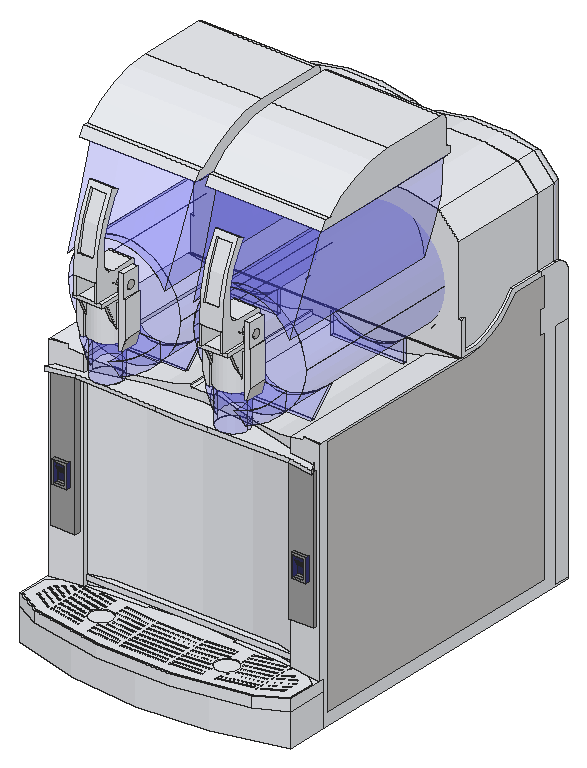
Revit family "QF_ELECTROLUXPROFESSIONAL_560023_NINA2ITNK", category Specialty Equipment, Revit 2018 (continued)
Automatic sketch dimensions
  curve 30 to curve 58 = 0.0 mm  (x2)
  curve 30 to curve 59 = 0.0 mm  (x2)
  curve 30 to curve 60 = 0.0 mm  (x2)
  curve 30 to curve 61 = 0.0 mm  (x2)
  curve 30 to curve 62 = 0.0 mm  (x2)
  curve 30 to curve 63 = 0.0 mm  (x2)
  curve 30 to curve 64 = 0.0 mm  (x2)
  curve 30 to curve 65 = 0.0 mm  (x2)
  curve 30 to curve 66 = 0.0 mm  (x2)
  curve 30 to curve 67 = 0.0 mm  (x2)
  curve 30 to curve 68 = 0.0 mm  (x2)
  curve 30 to curve 69 = 0.0 mm  (x2)
  curve 30 to curve 70 = 0.0 mm  (x2)
  curve 30 to curve 71 = 0.0 mm  (x2)
  curve 30 to curve 72 = 0.0 mm  (x2)
  curve 30 to curve 91 = 0.0 mm  (x2)
  curve 30 to curve 92 = 0.0 mm  (x2)
  curve 30 to curve 93 = 0.0 mm  (x2)
  curve 30 to curve 94 = 0.0 mm  (x2)
  curve 30 to curve 95 = 0.0 mm  (x2)
  curve 30 to curve 96 = 0.0 mm  (x2)
  curve 30 to curve 97 = 0.0 mm  (x2)
  curve 30 to curve 98 = 0.0 mm  (x2)
  curve 30 to curve 99 = 0.0 mm  (x2)
  curve 30 to curve 100 = 0.0 mm  (x2)
  curve 30 to curve 101 = 0.0 mm  (x2)
  curve 30 to curve 116 = 0.0 mm  (x2)
  curve 30 to curve 117 = 0.0 mm  (x2)
  curve 30 to curve 134 = 0.0 mm  (x2)
  curve 30 to curve 135 = 0.0 mm  (x2)
  curve 30 to curve 136 = 0.0 mm  (x2)
  curve 30 to curve 137 = 0.0 mm  (x2)
  curve 30 to curve 138 = 0.0 mm  (x2)
  curve 30 to curve 139 = 0.0 mm  (x2)
  curve 30 to curve 140 = 0.0 mm  (x2)
  curve 30 to curve 141 = 0.0 mm  (x2)
  curve 30 to curve 142 = 0.0 mm  (x2)
  curve 30 to curve 143 = 0.0 mm  (x2)
  curve 30 to curve 144 = 0.0 mm  (x2)
  curve 30 to curve 145 = 0.0 mm  (x2)
  curve 30 to curve 146 = 0.0 mm  (x2)
  curve 30 to curve 147 = 0.0 mm  (x2)
  curve 30 to curve 148 = 0.0 mm  (x2)
  curve 30 to curve 167 = 0.0 mm  (x2)
  curve 30 to curve 168 = 0.0 mm  (x2)
  curve 30 to curve 169 = 0.0 mm  (x2)
  curve 30 to curve 170 = 0.0 mm  (x2)
  curve 30 to curve 171 = 0.0 mm  (x2)
  curve 30 to curve 172 = 0.0 mm  (x2)
  curve 30 to curve 173 = 0.0 mm  (x2)
  curve 30 to curve 174 = 0.0 mm  (x2)
  curve 30 to curve 175 = 0.0 mm  (x2)
  curve 30 to curve 176 = 0.0 mm  (x2)
  curve 30 to curve 177 = 0.0 mm  (x2)
  curve 31 to curve 32 = 0.0 mm  (x2)
  curve 31 to curve 33 = 0.0 mm  (x2)
  curve 31 to curve 34 = 0.0 mm  (x2)
  curve 31 to curve 35 = 0.0 mm  (x2)
  curve 31 to curve 36 = 0.0 mm  (x2)
  curve 31 to curve 37 = 0.0 mm  (x2)
  curve 31 to curve 38 = 0.0 mm  (x2)
  curve 31 to curve 39 = 0.0 mm  (x2)
  curve 31 to curve 40 = 0.0 mm  (x2)
  curve 31 to curve 41 = 0.0 mm  (x2)
  curve 31 to curve 58 = 0.0 mm  (x2)
  curve 31 to curve 59 = 0.0 mm  (x2)
  curve 31 to curve 60 = 0.0 mm  (x2)
  curve 31 to curve 61 = 0.0 mm  (x2)
  curve 31 to curve 62 = 0.0 mm  (x2)
  curve 31 to curve 63 = 0.0 mm  (x2)
  curve 31 to curve 64 = 0.0 mm  (x2)
  curve 31 to curve 65 = 0.0 mm  (x2)
  curve 31 to curve 66 = 0.0 mm  (x2)
  curve 31 to curve 67 = 0.0 mm  (x2)
  curve 31 to curve 68 = 0.0 mm  (x2)
  curve 31 to curve 69 = 0.0 mm  (x2)
  curve 31 to curve 70 = 0.0 mm  (x2)
  curve 31 to curve 71 = 0.0 mm  (x2)
  curve 31 to curve 72 = 0.0 mm  (x2)
  curve 31 to curve 91 = 0.0 mm  (x2)
  curve 31 to curve 92 = 0.0 mm  (x2)
  curve 31 to curve 93 = 0.0 mm  (x2)
  curve 31 to curve 94 = 0.0 mm  (x2)
  curve 31 to curve 95 = 0.0 mm  (x2)
  curve 31 to curve 96 = 0.0 mm  (x2)
  curve 31 to curve 97 = 0.0 mm  (x2)
  curve 31 to curve 98 = 0.0 mm  (x2)
  curve 31 to curve 99 = 0.0 mm  (x2)
  curve 31 to curve 100 = 0.0 mm  (x2)
  curve 31 to curve 101 = 0.0 mm  (x2)
  curve 31 to curve 116 = 0.0 mm  (x2)
  curve 31 to curve 117 = 0.0 mm  (x2)
  curve 31 to curve 134 = 0.0 mm  (x2)
  curve 31 to curve 135 = 0.0 mm  (x2)
  curve 31 to curve 136 = 0.0 mm  (x2)
  curve 31 to curve 137 = 0.0 mm  (x2)
  curve 31 to curve 138 = 0.0 mm  (x2)
  curve 31 to curve 139 = 0.0 mm  (x2)
  curve 31 to curve 140 = 0.0 mm  (x2)
  curve 31 to curve 141 = 0.0 mm  (x2)
  curve 31 to curve 142 = 0.0 mm  (x2)
  curve 31 to curve 143 = 0.0 mm  (x2)
  curve 31 to curve 144 = 0.0 mm  (x2)
  curve 31 to curve 145 = 0.0 mm  (x2)
  curve 31 to curve 146 = 0.0 mm  (x2)
  curve 31 to curve 147 = 0.0 mm  (x2)
  curve 31 to curve 148 = 0.0 mm  (x2)
  curve 31 to curve 167 = 0.0 mm  (x2)
  curve 31 to curve 168 = 0.0 mm  (x2)
  curve 31 to curve 169 = 0.0 mm  (x2)
  curve 31 to curve 170 = 0.0 mm  (x2)
  curve 31 to curve 171 = 0.0 mm  (x2)
  curve 31 to curve 172 = 0.0 mm  (x2)
  curve 31 to curve 173 = 0.0 mm  (x2)
  curve 31 to curve 174 = 0.0 mm  (x2)
  curve 31 to curve 175 = 0.0 mm  (x2)
  curve 31 to curve 176 = 0.0 mm  (x2)
  curve 31 to curve 177 = 0.0 mm  (x2)
  curve 32 to curve 33 = 0.0 mm  (x2)
  curve 32 to curve 34 = 0.0 mm  (x2)
  curve 32 to curve 35 = 0.0 mm  (x2)
  curve 32 to curve 36 = 0.0 mm  (x2)
  curve 32 to curve 37 = 0.0 mm  (x2)
  curve 32 to curve 38 = 0.0 mm  (x2)
  curve 32 to curve 39 = 0.0 mm  (x2)
  curve 32 to curve 40 = 0.0 mm  (x2)
  curve 32 to curve 41 = 0.0 mm  (x2)
  curve 32 to curve 58 = 0.0 mm  (x2)
  curve 32 to curve 59 = 0.0 mm  (x2)
  curve 32 to curve 60 = 0.0 mm  (x2)
  curve 32 to curve 61 = 0.0 mm  (x2)
  curve 32 to curve 62 = 0.0 mm  (x2)
  curve 32 to curve 63 = 0.0 mm  (x2)
  curve 32 to curve 64 = 0.0 mm  (x2)
  curve 32 to curve 65 = 0.0 mm  (x2)
  curve 32 to curve 66 = 0.0 mm  (x2)
  curve 32 to curve 67 = 0.0 mm  (x2)
  curve 32 to curve 68 = 0.0 mm  (x2)
  curve 32 to curve 69 = 0.0 mm  (x2)
  curve 32 to curve 70 = 0.0 mm  (x2)
  curve 32 to curve 71 = 0.0 mm  (x2)
  curve 32 to curve 72 = 0.0 mm  (x2)
  curve 32 to curve 91 = 0.0 mm  (x2)
  curve 32 to curve 92 = 0.0 mm  (x2)
  curve 32 to curve 93 = 0.0 mm  (x2)
  curve 32 to curve 94 = 0.0 mm  (x2)
  curve 32 to curve 95 = 0.0 mm  (x2)
  curve 32 to curve 96 = 0.0 mm  (x2)
  curve 32 to curve 97 = 0.0 mm  (x2)
  curve 32 to curve 98 = 0.0 mm  (x2)
  curve 32 to curve 99 = 0.0 mm  (x2)
  curve 32 to curve 100 = 0.0 mm  (x2)
  curve 32 to curve 101 = 0.0 mm  (x2)
  curve 32 to curve 116 = 0.0 mm  (x2)
  curve 32 to curve 117 = 0.0 mm  (x2)
  curve 32 to curve 134 = 0.0 mm  (x2)
  curve 32 to curve 135 = 0.0 mm  (x2)
  curve 32 to curve 136 = 0.0 mm  (x2)
  curve 32 to curve 137 = 0.0 mm  (x2)
  curve 32 to curve 138 = 0.0 mm  (x2)
  curve 32 to curve 139 = 0.0 mm  (x2)
  curve 32 to curve 140 = 0.0 mm  (x2)
  curve 32 to curve 141 = 0.0 mm  (x2)
  curve 32 to curve 142 = 0.0 mm  (x2)
  curve 32 to curve 143 = 0.0 mm  (x2)
  curve 32 to curve 144 = 0.0 mm  (x2)
  curve 32 to curve 145 = 0.0 mm  (x2)
  curve 32 to curve 146 = 0.0 mm  (x2)
  curve 32 to curve 147 = 0.0 mm  (x2)
  curve 32 to curve 148 = 0.0 mm  (x2)
  curve 32 to curve 167 = 0.0 mm  (x2)
  curve 32 to curve 168 = 0.0 mm  (x2)
  curve 32 to curve 169 = 0.0 mm  (x2)
  curve 32 to curve 170 = 0.0 mm  (x2)
  curve 32 to curve 171 = 0.0 mm  (x2)
  curve 32 to curve 172 = 0.0 mm  (x2)
  curve 32 to curve 173 = 0.0 mm  (x2)
  curve 32 to curve 174 = 0.0 mm  (x2)
  curve 32 to curve 175 = 0.0 mm  (x2)
  curve 32 to curve 176 = 0.0 mm  (x2)
  curve 32 to curve 177 = 0.0 mm  (x2)
  curve 33 to curve 34 = 0.0 mm  (x2)
  curve 33 to curve 35 = 0.0 mm  (x2)
  curve 33 to curve 36 = 0.0 mm  (x2)
  curve 33 to curve 37 = 0.0 mm  (x2)
  curve 33 to curve 38 = 0.0 mm  (x2)
  curve 33 to curve 39 = 0.0 mm  (x2)
  curve 33 to curve 40 = 0.0 mm  (x2)
  curve 33 to curve 41 = 0.0 mm  (x2)
  curve 33 to curve 58 = 0.0 mm  (x2)
  curve 33 to curve 59 = 0.0 mm  (x2)
  curve 33 to curve 60 = 0.0 mm  (x2)
  curve 33 to curve 61 = 0.0 mm  (x2)
  curve 33 to curve 62 = 0.0 mm  (x2)
  curve 33 to curve 63 = 0.0 mm  (x2)
  curve 33 to curve 64 = 0.0 mm  (x2)
  curve 33 to curve 65 = 0.0 mm  (x2)
  curve 33 to curve 66 = 0.0 mm  (x2)
  curve 33 to curve 67 = 0.0 mm  (x2)
  curve 33 to curve 68 = 0.0 mm  (x2)
  curve 33 to curve 69 = 0.0 mm  (x2)
  curve 33 to curve 70 = 0.0 mm  (x2)
  curve 33 to curve 71 = 0.0 mm  (x2)
  curve 33 to curve 72 = 0.0 mm  (x2)
  curve 33 to curve 91 = 0.0 mm  (x2)
  curve 33 to curve 92 = 0.0 mm  (x2)
  curve 33 to curve 93 = 0.0 mm  (x2)
  curve 33 to curve 94 = 0.0 mm  (x2)
  curve 33 to curve 95 = 0.0 mm  (x2)
  curve 33 to curve 96 = 0.0 mm  (x2)
  curve 33 to curve 97 = 0.0 mm  (x2)
  curve 33 to curve 98 = 0.0 mm  (x2)
  curve 33 to curve 99 = 0.0 mm  (x2)
  curve 33 to curve 100 = 0.0 mm  (x2)
  curve 33 to curve 101 = 0.0 mm  (x2)
  curve 33 to curve 116 = 0.0 mm  (x2)
  curve 33 to curve 117 = 0.0 mm  (x2)
  curve 33 to curve 134 = 0.0 mm  (x2)
  curve 33 to curve 135 = 0.0 mm  (x2)
  curve 33 to curve 136 = 0.0 mm  (x2)
  curve 33 to curve 137 = 0.0 mm  (x2)
  curve 33 to curve 138 = 0.0 mm  (x2)
  curve 33 to curve 139 = 0.0 mm  (x2)
  curve 33 to curve 140 = 0.0 mm  (x2)
  curve 33 to curve 141 = 0.0 mm  (x2)
  curve 33 to curve 142 = 0.0 mm  (x2)
  curve 33 to curve 143 = 0.0 mm  (x2)
  curve 33 to curve 144 = 0.0 mm  (x2)
  curve 33 to curve 145 = 0.0 mm  (x2)
  curve 33 to curve 146 = 0.0 mm  (x2)
  curve 33 to curve 147 = 0.0 mm  (x2)
  curve 33 to curve 148 = 0.0 mm  (x2)
  curve 33 to curve 167 = 0.0 mm  (x2)
  curve 33 to curve 168 = 0.0 mm  (x2)
  curve 33 to curve 169 = 0.0 mm  (x2)
  curve 33 to curve 170 = 0.0 mm  (x2)
  curve 33 to curve 171 = 0.0 mm  (x2)
  curve 33 to curve 172 = 0.0 mm  (x2)
  curve 33 to curve 173 = 0.0 mm  (x2)
  curve 33 to curve 174 = 0.0 mm  (x2)
  curve 33 to curve 175 = 0.0 mm  (x2)
  curve 33 to curve 176 = 0.0 mm  (x2)
  curve 33 to curve 177 = 0.0 mm  (x2)
  curve 34 to curve 35 = 0.0 mm  (x2)
  curve 34 to curve 36 = 0.0 mm  (x2)
  curve 34 to curve 37 = 0.0 mm  (x2)
  curve 34 to curve 38 = 0.0 mm  (x2)
  curve 34 to curve 39 = 0.0 mm  (x2)
  curve 34 to curve 40 = 0.0 mm  (x2)
  curve 34 to curve 41 = 0.0 mm  (x2)
  curve 34 to curve 58 = 0.0 mm  (x2)
  curve 34 to curve 59 = 0.0 mm  (x2)
  curve 34 to curve 60 = 0.0 mm  (x2)
  curve 34 to curve 61 = 0.0 mm  (x2)
  curve 34 to curve 62 = 0.0 mm  (x2)
  curve 34 to curve 63 = 0.0 mm  (x2)
  curve 34 to curve 64 = 0.0 mm  (x2)
  curve 34 to curve 65 = 0.0 mm  (x2)
  curve 34 to curve 66 = 0.0 mm  (x2)
  curve 34 to curve 67 = 0.0 mm  (x2)
  curve 34 to curve 68 = 0.0 mm  (x2)
  curve 34 to curve 69 = 0.0 mm  (x2)
  curve 34 to curve 70 = 0.0 mm  (x2)
  curve 34 to curve 71 = 0.0 mm  (x2)
  curve 34 to curve 72 = 0.0 mm  (x2)
  curve 34 to curve 91 = 0.0 mm  (x2)
  curve 34 to curve 92 = 0.0 mm  (x2)
  curve 34 to curve 93 = 0.0 mm  (x2)
  curve 34 to curve 94 = 0.0 mm  (x2)
  curve 34 to curve 95 = 0.0 mm  (x2)
  curve 34 to curve 96 = 0.0 mm  (x2)
  curve 34 to curve 97 = 0.0 mm  (x2)
  curve 34 to curve 98 = 0.0 mm  (x2)
  curve 34 to curve 99 = 0.0 mm  (x2)
  curve 34 to curve 100 = 0.0 mm  (x2)
  curve 34 to curve 101 = 0.0 mm  (x2)
  curve 34 to curve 116 = 0.0 mm  (x2)
  curve 34 to curve 117 = 0.0 mm  (x2)
  curve 34 to curve 134 = 0.0 mm  (x2)
  curve 34 to curve 135 = 0.0 mm  (x2)
  curve 34 to curve 136 = 0.0 mm  (x2)
  curve 34 to curve 137 = 0.0 mm  (x2)
  curve 34 to curve 138 = 0.0 mm  (x2)
  curve 34 to curve 139 = 0.0 mm  (x2)
  curve 34 to curve 140 = 0.0 mm  (x2)
  curve 34 to curve 141 = 0.0 mm  (x2)
  curve 34 to curve 142 = 0.0 mm  (x2)
  curve 34 to curve 143 = 0.0 mm  (x2)
  curve 34 to curve 144 = 0.0 mm  (x2)
  curve 34 to curve 145 = 0.0 mm  (x2)
  curve 34 to curve 146 = 0.0 mm  (x2)
  curve 34 to curve 147 = 0.0 mm  (x2)
  curve 34 to curve 148 = 0.0 mm  (x2)
  curve 34 to curve 167 = 0.0 mm  (x2)
  curve 34 to curve 168 = 0.0 mm  (x2)
  curve 34 to curve 169 = 0.0 mm  (x2)
  curve 34 to curve 170 = 0.0 mm  (x2)
  curve 34 to curve 171 = 0.0 mm  (x2)
  curve 34 to curve 172 = 0.0 mm  (x2)
  curve 34 to curve 173 = 0.0 mm  (x2)
  curve 34 to curve 174 = 0.0 mm  (x2)
  curve 34 to curve 175 = 0.0 mm  (x2)
  curve 34 to curve 176 = 0.0 mm  (x2)
  curve 34 to curve 177 = 0.0 mm  (x2)
  curve 35 to curve 36 = 0.0 mm  (x2)
  curve 35 to curve 37 = 0.0 mm  (x2)
  curve 35 to curve 38 = 0.0 mm  (x2)
  curve 35 to curve 39 = 0.0 mm  (x2)
  curve 35 to curve 40 = 0.0 mm  (x2)
  curve 35 to curve 41 = 0.0 mm  (x2)
  curve 35 to curve 58 = 0.0 mm  (x2)
  curve 35 to curve 59 = 0.0 mm  (x2)
  curve 35 to curve 60 = 0.0 mm  (x2)
  curve 35 to curve 61 = 0.0 mm  (x2)
  curve 35 to curve 62 = 0.0 mm  (x2)
  curve 35 to curve 63 = 0.0 mm  (x2)
  curve 35 to curve 64 = 0.0 mm  (x2)
  curve 35 to curve 65 = 0.0 mm  (x2)
  curve 35 to curve 66 = 0.0 mm  (x2)
  curve 35 to curve 67 = 0.0 mm  (x2)
  curve 35 to curve 68 = 0.0 mm  (x2)
  curve 35 to curve 69 = 0.0 mm  (x2)
  curve 35 to curve 70 = 0.0 mm  (x2)
  curve 35 to curve 71 = 0.0 mm  (x2)
  curve 35 to curve 72 = 0.0 mm  (x2)
  curve 35 to curve 91 = 0.0 mm  (x2)
  curve 35 to curve 92 = 0.0 mm  (x2)
  curve 35 to curve 93 = 0.0 mm  (x2)
  curve 35 to curve 94 = 0.0 mm  (x2)
  curve 35 to curve 95 = 0.0 mm  (x2)
  curve 35 to curve 96 = 0.0 mm  (x2)
  curve 35 to curve 97 = 0.0 mm  (x2)
  curve 35 to curve 98 = 0.0 mm  (x2)
  curve 35 to curve 99 = 0.0 mm  (x2)
  curve 35 to curve 100 = 0.0 mm  (x2)
  curve 35 to curve 101 = 0.0 mm  (x2)
  curve 35 to curve 116 = 0.0 mm  (x2)
  curve 35 to curve 117 = 0.0 mm  (x2)
  curve 35 to curve 134 = 0.0 mm  (x2)
  curve 35 to curve 135 = 0.0 mm  (x2)
  curve 35 to curve 136 = 0.0 mm  (x2)
  curve 35 to curve 137 = 0.0 mm  (x2)
  curve 35 to curve 138 = 0.0 mm  (x2)
  curve 35 to curve 139 = 0.0 mm  (x2)
  curve 35 to curve 140 = 0.0 mm  (x2)
  curve 35 to curve 141 = 0.0 mm  (x2)
  curve 35 to curve 142 = 0.0 mm  (x2)
  curve 35 to curve 143 = 0.0 mm  (x2)
  curve 35 to curve 144 = 0.0 mm  (x2)
  curve 35 to curve 145 = 0.0 mm  (x2)
  curve 35 to curve 146 = 0.0 mm  (x2)
  curve 35 to curve 147 = 0.0 mm  (x2)
  curve 35 to curve 148 = 0.0 mm  (x2)
  curve 35 to curve 167 = 0.0 mm  (x2)
  curve 35 to curve 168 = 0.0 mm  (x2)
  curve 35 to curve 169 = 0.0 mm  (x2)
  curve 35 to curve 170 = 0.0 mm  (x2)
  curve 35 to curve 171 = 0.0 mm  (x2)
  curve 35 to curve 172 = 0.0 mm  (x2)
  curve 35 to curve 173 = 0.0 mm  (x2)
  curve 35 to curve 174 = 0.0 mm  (x2)
  curve 35 to curve 175 = 0.0 mm  (x2)
  curve 35 to curve 176 = 0.0 mm  (x2)
  curve 35 to curve 177 = 0.0 mm  (x2)
  curve 36 to curve 37 = 0.0 mm  (x2)
  curve 36 to curve 38 = 0.0 mm  (x2)
  curve 36 to curve 39 = 0.0 mm  (x2)
  curve 36 to curve 40 = 0.0 mm  (x2)
  curve 36 to curve 41 = 0.0 mm  (x2)
  curve 36 to curve 58 = 0.0 mm  (x2)
  curve 36 to curve 59 = 0.0 mm  (x2)
  curve 36 to curve 60 = 0.0 mm  (x2)
  curve 36 to curve 61 = 0.0 mm  (x2)
  curve 36 to curve 62 = 0.0 mm  (x2)
  curve 36 to curve 63 = 0.0 mm  (x2)
  curve 36 to curve 64 = 0.0 mm  (x2)
  curve 36 to curve 65 = 0.0 mm  (x2)
  curve 36 to curve 66 = 0.0 mm  (x2)
  curve 36 to curve 67 = 0.0 mm  (x2)
  curve 36 to curve 68 = 0.0 mm  (x2)
  curve 36 to curve 69 = 0.0 mm  (x2)
  curve 36 to curve 70 = 0.0 mm  (x2)
  curve 36 to curve 71 = 0.0 mm  (x2)
  curve 36 to curve 72 = 0.0 mm  (x2)
  curve 36 to curve 91 = 0.0 mm  (x2)
  curve 36 to curve 92 = 0.0 mm  (x2)
  curve 36 to curve 93 = 0.0 mm  (x2)
  curve 36 to curve 94 = 0.0 mm  (x2)
  curve 36 to curve 95 = 0.0 mm  (x2)
  curve 36 to curve 96 = 0.0 mm  (x2)
  curve 36 to curve 97 = 0.0 mm  (x2)
  curve 36 to curve 98 = 0.0 mm  (x2)
  curve 36 to curve 99 = 0.0 mm  (x2)
  curve 36 to curve 100 = 0.0 mm  (x2)
  curve 36 to curve 101 = 0.0 mm  (x2)
  curve 36 to curve 116 = 0.0 mm  (x2)
  curve 36 to curve 117 = 0.0 mm  (x2)
  curve 36 to curve 134 = 0.0 mm  (x2)
  curve 36 to curve 135 = 0.0 mm  (x2)
  curve 36 to curve 136 = 0.0 mm  (x2)
  curve 36 to curve 137 = 0.0 mm  (x2)
  curve 36 to curve 138 = 0.0 mm  (x2)
  curve 36 to curve 139 = 0.0 mm  (x2)
  curve 36 to curve 140 = 0.0 mm  (x2)
  curve 36 to curve 141 = 0.0 mm  (x2)
  curve 36 to curve 142 = 0.0 mm  (x2)
  curve 36 to curve 143 = 0.0 mm  (x2)
  curve 36 to curve 144 = 0.0 mm  (x2)
  curve 36 to curve 145 = 0.0 mm  (x2)
  curve 36 to curve 146 = 0.0 mm  (x2)
  curve 36 to curve 147 = 0.0 mm  (x2)
  curve 36 to curve 148 = 0.0 mm  (x2)
  curve 36 to curve 167 = 0.0 mm  (x2)
  curve 36 to curve 168 = 0.0 mm  (x2)
  curve 36 to curve 169 = 0.0 mm  (x2)
  curve 36 to curve 170 = 0.0 mm  (x2)
  curve 36 to curve 171 = 0.0 mm  (x2)
  curve 36 to curve 172 = 0.0 mm  (x2)
  curve 36 to curve 173 = 0.0 mm  (x2)
  curve 36 to curve 174 = 0.0 mm  (x2)
  curve 36 to curve 175 = 0.0 mm  (x2)
  curve 36 to curve 176 = 0.0 mm  (x2)
  curve 36 to curve 177 = 0.0 mm  (x2)
  curve 37 to curve 38 = 0.0 mm  (x2)
  curve 37 to curve 39 = 0.0 mm  (x2)
  curve 37 to curve 40 = 0.0 mm  (x2)
  curve 37 to curve 41 = 0.0 mm  (x2)
  curve 37 to curve 58 = 0.0 mm  (x2)
  curve 37 to curve 59 = 0.0 mm  (x2)
  curve 37 to curve 60 = 0.0 mm  (x2)
  curve 37 to curve 61 = 0.0 mm  (x2)
  curve 37 to curve 62 = 0.0 mm  (x2)
  curve 37 to curve 63 = 0.0 mm  (x2)
  curve 37 to curve 64 = 0.0 mm  (x2)
  curve 37 to curve 65 = 0.0 mm  (x2)
  curve 37 to curve 66 = 0.0 mm  (x2)
  curve 37 to curve 67 = 0.0 mm  (x2)
  curve 37 to curve 68 = 0.0 mm  (x2)
  curve 37 to curve 69 = 0.0 mm  (x2)
  curve 37 to curve 70 = 0.0 mm  (x2)
  curve 37 to curve 71 = 0.0 mm  (x2)
  curve 37 to curve 72 = 0.0 mm  (x2)
  curve 37 to curve 91 = 0.0 mm  (x2)
  curve 37 to curve 92 = 0.0 mm  (x2)
  curve 37 to curve 93 = 0.0 mm  (x2)
  curve 37 to curve 94 = 0.0 mm  (x2)
  curve 37 to curve 95 = 0.0 mm  (x2)
  curve 37 to curve 96 = 0.0 mm  (x2)
  curve 37 to curve 97 = 0.0 mm  (x2)
  curve 37 to curve 98 = 0.0 mm  (x2)
  curve 37 to curve 99 = 0.0 mm  (x2)
  curve 37 to curve 100 = 0.0 mm  (x2)
  curve 37 to curve 101 = 0.0 mm  (x2)
  curve 37 to curve 116 = 0.0 mm  (x2)
  curve 37 to curve 117 = 0.0 mm  (x2)
  curve 37 to curve 134 = 0.0 mm  (x2)
  curve 37 to curve 135 = 0.0 mm  (x2)
  curve 37 to curve 136 = 0.0 mm  (x2)
  curve 37 to curve 137 = 0.0 mm  (x2)
  curve 37 to curve 138 = 0.0 mm  (x2)
  curve 37 to curve 139 = 0.0 mm  (x2)
  curve 37 to curve 140 = 0.0 mm  (x2)
  curve 37 to curve 141 = 0.0 mm  (x2)
  curve 37 to curve 142 = 0.0 mm  (x2)
  curve 37 to curve 143 = 0.0 mm  (x2)
  curve 37 to curve 144 = 0.0 mm  (x2)
  curve 37 to curve 145 = 0.0 mm  (x2)
  curve 37 to curve 146 = 0.0 mm  (x2)
  curve 37 to curve 147 = 0.0 mm  (x2)
  curve 37 to curve 148 = 0.0 mm  (x2)
  curve 37 to curve 167 = 0.0 mm  (x2)
  curve 37 to curve 168 = 0.0 mm  (x2)
  curve 37 to curve 169 = 0.0 mm  (x2)
  curve 37 to curve 170 = 0.0 mm  (x2)
  curve 37 to curve 171 = 0.0 mm  (x2)
  curve 37 to curve 172 = 0.0 mm  (x2)
  curve 37 to curve 173 = 0.0 mm  (x2)
  curve 37 to curve 174 = 0.0 mm  (x2)
  curve 37 to curve 175 = 0.0 mm  (x2)
  curve 37 to curve 176 = 0.0 mm  (x2)
  curve 37 to curve 177 = 0.0 mm  (x2)
  curve 38 to curve 39 = 0.0 mm  (x2)
  curve 38 to curve 40 = 0.0 mm  (x2)
  curve 38 to curve 41 = 0.0 mm  (x2)
  curve 38 to curve 58 = 0.0 mm  (x2)
  curve 38 to curve 59 = 0.0 mm  (x2)
  curve 38 to curve 60 = 0.0 mm  (x2)
  curve 38 to curve 61 = 0.0 mm  (x2)
  curve 38 to curve 62 = 0.0 mm  (x2)
  curve 38 to curve 63 = 0.0 mm  (x2)
  curve 38 to curve 64 = 0.0 mm  (x2)
  curve 38 to curve 65 = 0.0 mm  (x2)
  curve 38 to curve 66 = 0.0 mm  (x2)
  curve 38 to curve 67 = 0.0 mm  (x2)
  curve 38 to curve 68 = 0.0 mm  (x2)
  curve 38 to curve 69 = 0.0 mm  (x2)
  curve 38 to curve 70 = 0.0 mm  (x2)
  curve 38 to curve 71 = 0.0 mm  (x2)
  curve 38 to curve 72 = 0.0 mm  (x2)
  curve 38 to curve 91 = 0.0 mm  (x2)
  curve 38 to curve 92 = 0.0 mm  (x2)
  curve 38 to curve 93 = 0.0 mm  (x2)
  curve 38 to curve 94 = 0.0 mm  (x2)
  curve 38 to curve 95 = 0.0 mm  (x2)
  curve 38 to curve 96 = 0.0 mm  (x2)
  curve 38 to curve 97 = 0.0 mm  (x2)
  curve 38 to curve 98 = 0.0 mm  (x2)
  curve 38 to curve 99 = 0.0 mm  (x2)
  curve 38 to curve 100 = 0.0 mm  (x2)
  curve 38 to curve 101 = 0.0 mm  (x2)
  curve 38 to curve 116 = 0.0 mm  (x2)
  curve 38 to curve 117 = 0.0 mm  (x2)
  curve 38 to curve 134 = 0.0 mm  (x2)
  curve 38 to curve 135 = 0.0 mm  (x2)
  curve 38 to curve 136 = 0.0 mm  (x2)
  curve 38 to curve 137 = 0.0 mm  (x2)
  curve 38 to curve 138 = 0.0 mm  (x2)
  curve 38 to curve 139 = 0.0 mm  (x2)
  curve 38 to curve 140 = 0.0 mm  (x2)
  curve 38 to curve 141 = 0.0 mm  (x2)
  curve 38 to curve 142 = 0.0 mm  (x2)
  curve 38 to curve 143 = 0.0 mm  (x2)
  curve 38 to curve 144 = 0.0 mm  (x2)
  curve 38 to curve 145 = 0.0 mm  (x2)
  curve 38 to curve 146 = 0.0 mm  (x2)
  curve 38 to curve 147 = 0.0 mm  (x2)
  curve 38 to curve 148 = 0.0 mm  (x2)
  curve 38 to curve 167 = 0.0 mm  (x2)
  curve 38 to curve 168 = 0.0 mm  (x2)
  curve 38 to curve 169 = 0.0 mm  (x2)
  curve 38 to curve 170 = 0.0 mm  (x2)
  curve 38 to curve 171 = 0.0 mm  (x2)
  curve 38 to curve 172 = 0.0 mm  (x2)
  curve 38 to curve 173 = 0.0 mm  (x2)
  curve 38 to curve 174 = 0.0 mm  (x2)
  curve 38 to curve 175 = 0.0 mm  (x2)
  curve 38 to curve 176 = 0.0 mm  (x2)
  curve 38 to curve 177 = 0.0 mm  (x2)
  curve 39 to curve 40 = 0.0 mm  (x2)
  curve 39 to curve 41 = 0.0 mm  (x2)
  curve 39 to curve 58 = 0.0 mm  (x2)
  curve 39 to curve 59 = 0.0 mm  (x2)
  curve 39 to curve 60 = 0.0 mm  (x2)
  curve 39 to curve 61 = 0.0 mm  (x2)
  curve 39 to curve 62 = 0.0 mm  (x2)
  curve 39 to curve 63 = 0.0 mm  (x2)
  curve 39 to curve 64 = 0.0 mm  (x2)
  curve 39 to curve 65 = 0.0 mm  (x2)
  curve 39 to curve 66 = 0.0 mm  (x2)
  curve 39 to curve 67 = 0.0 mm  (x2)
  curve 39 to curve 68 = 0.0 mm  (x2)
  curve 39 to curve 69 = 0.0 mm  (x2)
  curve 39 to curve 70 = 0.0 mm  (x2)
  curve 39 to curve 71 = 0.0 mm  (x2)
  curve 39 to curve 72 = 0.0 mm  (x2)
  curve 39 to curve 91 = 0.0 mm  (x2)
  curve 39 to curve 92 = 0.0 mm  (x2)
  curve 39 to curve 93 = 0.0 mm  (x2)
  curve 39 to curve 94 = 0.0 mm  (x2)
  curve 39 to curve 95 = 0.0 mm  (x2)
  curve 39 to curve 96 = 0.0 mm  (x2)
  curve 39 to curve 97 = 0.0 mm  (x2)
  curve 39 to curve 98 = 0.0 mm  (x2)
  curve 39 to curve 99 = 0.0 mm  (x2)
  curve 39 to curve 100 = 0.0 mm  (x2)
  curve 39 to curve 101 = 0.0 mm  (x2)
  curve 39 to curve 116 = 0.0 mm  (x2)
  curve 39 to curve 117 = 0.0 mm  (x2)
  curve 39 to curve 134 = 0.0 mm  (x2)
  curve 39 to curve 135 = 0.0 mm  (x2)
  curve 39 to curve 136 = 0.0 mm  (x2)
  curve 39 to curve 137 = 0.0 mm  (x2)
  curve 39 to curve 138 = 0.0 mm  (x2)
  curve 39 to curve 139 = 0.0 mm  (x2)
  curve 39 to curve 140 = 0.0 mm  (x2)
  curve 39 to curve 141 = 0.0 mm  (x2)
  curve 39 to curve 142 = 0.0 mm  (x2)
  curve 39 to curve 143 = 0.0 mm  (x2)
  curve 39 to curve 144 = 0.0 mm  (x2)
  curve 39 to curve 145 = 0.0 mm  (x2)
  curve 39 to curve 146 = 0.0 mm  (x2)
  curve 39 to curve 147 = 0.0 mm  (x2)
  curve 39 to curve 148 = 0.0 mm  (x2)
  curve 39 to curve 167 = 0.0 mm  (x2)
  curve 39 to curve 168 = 0.0 mm  (x2)
  curve 39 to curve 169 = 0.0 mm  (x2)
  curve 39 to curve 170 = 0.0 mm  (x2)
  curve 39 to curve 171 = 0.0 mm  (x2)
  curve 39 to curve 172 = 0.0 mm  (x2)
  curve 39 to curve 173 = 0.0 mm  (x2)
  curve 39 to curve 174 = 0.0 mm  (x2)
  curve 39 to curve 175 = 0.0 mm  (x2)
  curve 39 to curve 176 = 0.0 mm  (x2)
  curve 39 to curve 177 = 0.0 mm  (x2)
  curve 40 to curve 41 = 0.0 mm  (x2)
  curve 40 to curve 58 = 0.0 mm  (x2)
  curve 40 to curve 59 = 0.0 mm  (x2)
  curve 40 to curve 60 = 0.0 mm  (x2)
  curve 40 to curve 61 = 0.0 mm  (x2)
  curve 40 to curve 62 = 0.0 mm  (x2)
  curve 40 to curve 63 = 0.0 mm  (x2)
  curve 40 to curve 64 = 0.0 mm  (x2)
  curve 40 to curve 65 = 0.0 mm  (x2)
  curve 40 to curve 66 = 0.0 mm  (x2)
  curve 40 to curve 67 = 0.0 mm  (x2)
  curve 40 to curve 68 = 0.0 mm  (x2)
  curve 40 to curve 69 = 0.0 mm  (x2)
  curve 40 to curve 70 = 0.0 mm  (x2)
  curve 40 to curve 71 = 0.0 mm  (x2)
  curve 40 to curve 72 = 0.0 mm  (x2)
  curve 40 to curve 91 = 0.0 mm  (x2)
  curve 40 to curve 92 = 0.0 mm  (x2)
  curve 40 to curve 93 = 0.0 mm  (x2)
  curve 40 to curve 94 = 0.0 mm  (x2)
  curve 40 to curve 95 = 0.0 mm  (x2)
  curve 40 to curve 96 = 0.0 mm  (x2)
  curve 40 to curve 97 = 0.0 mm  (x2)
  curve 40 to curve 98 = 0.0 mm  (x2)
  curve 40 to curve 99 = 0.0 mm  (x2)
  curve 40 to curve 100 = 0.0 mm  (x2)
  curve 40 to curve 101 = 0.0 mm  (x2)
  curve 40 to curve 116 = 0.0 mm  (x2)
  curve 40 to curve 117 = 0.0 mm  (x2)
  curve 40 to curve 134 = 0.0 mm  (x2)
  curve 40 to curve 135 = 0.0 mm  (x2)
  curve 40 to curve 136 = 0.0 mm  (x2)
  curve 40 to curve 137 = 0.0 mm  (x2)
  curve 40 to curve 138 = 0.0 mm  (x2)
  curve 40 to curve 139 = 0.0 mm  (x2)
  curve 40 to curve 140 = 0.0 mm  (x2)
  curve 40 to curve 141 = 0.0 mm  (x2)
  curve 40 to curve 142 = 0.0 mm  (x2)
  curve 40 to curve 143 = 0.0 mm  (x2)
  curve 40 to curve 144 = 0.0 mm  (x2)
  curve 40 to curve 145 = 0.0 mm  (x2)
  curve 40 to curve 146 = 0.0 mm  (x2)
  curve 40 to curve 147 = 0.0 mm  (x2)
  curve 40 to curve 148 = 0.0 mm  (x2)
  curve 40 to curve 167 = 0.0 mm  (x2)
  curve 40 to curve 168 = 0.0 mm  (x2)
  curve 40 to curve 169 = 0.0 mm  (x2)
  curve 40 to curve 170 = 0.0 mm  (x2)
  curve 40 to curve 171 = 0.0 mm  (x2)
  curve 40 to curve 172 = 0.0 mm  (x2)
  curve 40 to curve 173 = 0.0 mm  (x2)
  curve 40 to curve 174 = 0.0 mm  (x2)
  curve 40 to curve 175 = 0.0 mm  (x2)
  curve 40 to curve 176 = 0.0 mm  (x2)
  curve 40 to curve 177 = 0.0 mm  (x2)
  curve 41 to curve 58 = 0.0 mm  (x2)
  curve 41 to curve 59 = 0.0 mm  (x2)
  curve 41 to curve 60 = 0.0 mm  (x2)
  curve 41 to curve 61 = 0.0 mm  (x2)
  curve 41 to curve 62 = 0.0 mm  (x2)
  curve 41 to curve 63 = 0.0 mm  (x2)
  curve 41 to curve 64 = 0.0 mm  (x2)
  curve 41 to curve 65 = 0.0 mm  (x2)
  curve 41 to curve 66 = 0.0 mm  (x2)
  curve 41 to curve 67 = 0.0 mm  (x2)
  curve 41 to curve 68 = 0.0 mm  (x2)
  curve 41 to curve 69 = 0.0 mm  (x2)
  curve 41 to curve 70 = 0.0 mm  (x2)
  curve 41 to curve 71 = 0.0 mm  (x2)
  curve 41 to curve 72 = 0.0 mm  (x2)
  curve 41 to curve 91 = 0.0 mm  (x2)
  curve 41 to curve 92 = 0.0 mm  (x2)
  curve 41 to curve 93 = 0.0 mm  (x2)
  curve 41 to curve 94 = 0.0 mm  (x2)
  curve 41 to curve 95 = 0.0 mm  (x2)
  curve 41 to curve 96 = 0.0 mm  (x2)
  curve 41 to curve 97 = 0.0 mm  (x2)
  curve 41 to curve 98 = 0.0 mm  (x2)
  curve 41 to curve 99 = 0.0 mm  (x2)
  curve 41 to curve 100 = 0.0 mm  (x2)
  curve 41 to curve 101 = 0.0 mm  (x2)
  curve 41 to curve 116 = 0.0 mm  (x2)
  curve 41 to curve 117 = 0.0 mm  (x2)
  curve 41 to curve 134 = 0.0 mm  (x2)
  curve 41 to curve 135 = 0.0 mm  (x2)
  curve 41 to curve 136 = 0.0 mm  (x2)
  curve 41 to curve 137 = 0.0 mm  (x2)
  curve 41 to curve 138 = 0.0 mm  (x2)
  curve 41 to curve 139 = 0.0 mm  (x2)
  curve 41 to curve 140 = 0.0 mm  (x2)
  curve 41 to curve 141 = 0.0 mm  (x2)
  curve 41 to curve 142 = 0.0 mm  (x2)
  curve 41 to curve 143 = 0.0 mm  (x2)
  curve 41 to curve 144 = 0.0 mm  (x2)
  curve 41 to curve 145 = 0.0 mm  (x2)
  curve 41 to curve 146 = 0.0 mm  (x2)
  curve 41 to curve 147 = 0.0 mm  (x2)
  curve 41 to curve 148 = 0.0 mm  (x2)
  curve 41 to curve 167 = 0.0 mm  (x2)
  curve 41 to curve 168 = 0.0 mm  (x2)
  curve 41 to curve 169 = 0.0 mm  (x2)
  curve 41 to curve 170 = 0.0 mm  (x2)
  curve 41 to curve 171 = 0.0 mm  (x2)
  curve 41 to curve 172 = 0.0 mm  (x2)
  curve 41 to curve 173 = 0.0 mm  (x2)
  curve 41 to curve 174 = 0.0 mm  (x2)
  curve 41 to curve 175 = 0.0 mm  (x2)
  curve 41 to curve 176 = 0.0 mm  (x2)
  curve 41 to curve 177 = 0.0 mm  (x2)
  curve 58 to curve 59 = 0.0 mm  (x2)
  curve 58 to curve 60 = 0.0 mm  (x2)
  curve 58 to curve 61 = 0.0 mm  (x2)
  curve 58 to curve 62 = 0.0 mm  (x2)
  curve 58 to curve 63 = 0.0 mm  (x2)
  curve 58 to curve 64 = 0.0 mm  (x2)
  curve 58 to curve 65 = 0.0 mm  (x2)
  curve 58 to curve 66 = 0.0 mm  (x2)
  curve 58 to curve 67 = 0.0 mm  (x2)
  curve 58 to curve 68 = 0.0 mm  (x2)
  curve 58 to curve 69 = 0.0 mm  (x2)
  curve 58 to curve 70 = 0.0 mm  (x2)
  curve 58 to curve 71 = 0.0 mm  (x2)
  curve 58 to curve 72 = 0.0 mm  (x2)
  curve 58 to curve 91 = 0.0 mm  (x2)
  curve 58 to curve 92 = 0.0 mm  (x2)
  curve 58 to curve 93 = 0.0 mm  (x2)
  curve 58 to curve 94 = 0.0 mm  (x2)
  curve 58 to curve 95 = 0.0 mm  (x2)
  curve 58 to curve 96 = 0.0 mm  (x2)
  curve 58 to curve 97 = 0.0 mm  (x2)
  curve 58 to curve 98 = 0.0 mm  (x2)
  curve 58 to curve 99 = 0.0 mm  (x2)
  curve 58 to curve 100 = 0.0 mm  (x2)
  curve 58 to curve 101 = 0.0 mm  (x2)
  curve 58 to curve 116 = 0.0 mm  (x2)
  curve 58 to curve 117 = 0.0 mm  (x2)
  curve 58 to curve 134 = 0.0 mm  (x2)
  curve 58 to curve 135 = 0.0 mm  (x2)
  curve 58 to curve 136 = 0.0 mm  (x2)
  curve 58 to curve 137 = 0.0 mm  (x2)
  curve 58 to curve 138 = 0.0 mm  (x2)
  curve 58 to curve 139 = 0.0 mm  (x2)
  curve 58 to curve 140 = 0.0 mm  (x2)
  curve 58 to curve 141 = 0.0 mm  (x2)
  curve 58 to curve 142 = 0.0 mm  (x2)
  curve 58 to curve 143 = 0.0 mm  (x2)
  curve 58 to curve 144 = 0.0 mm  (x2)
  curve 58 to curve 145 = 0.0 mm  (x2)
  curve 58 to curve 146 = 0.0 mm  (x2)
  curve 58 to curve 147 = 0.0 mm  (x2)
  curve 58 to curve 148 = 0.0 mm  (x2)
  curve 58 to curve 167 = 0.0 mm  (x2)
  curve 58 to curve 168 = 0.0 mm  (x2)
  curve 58 to curve 169 = 0.0 mm  (x2)
  curve 58 to curve 170 = 0.0 mm  (x2)
  curve 58 to curve 171 = 0.0 mm  (x2)
  curve 58 to curve 172 = 0.0 mm  (x2)
  curve 58 to curve 173 = 0.0 mm  (x2)
  curve 58 to curve 174 = 0.0 mm  (x2)
  curve 58 to curve 175 = 0.0 mm  (x2)
  curve 58 to curve 176 = 0.0 mm  (x2)
  curve 58 to curve 177 = 0.0 mm  (x2)
  curve 59 to curve 60 = 0.0 mm  (x2)
  curve 59 to curve 61 = 0.0 mm  (x2)
  curve 59 to curve 62 = 0.0 mm  (x2)
  curve 59 to curve 63 = 0.0 mm  (x2)
  curve 59 to curve 64 = 0.0 mm  (x2)
  curve 59 to curve 65 = 0.0 mm  (x2)
  curve 59 to curve 66 = 0.0 mm  (x2)
  curve 59 to curve 67 = 0.0 mm  (x2)
  curve 59 to curve 68 = 0.0 mm  (x2)
  curve 59 to curve 69 = 0.0 mm  (x2)
  curve 59 to curve 70 = 0.0 mm  (x2)
  curve 59 to curve 71 = 0.0 mm  (x2)
  curve 59 to curve 72 = 0.0 mm  (x2)
  curve 59 to curve 91 = 0.0 mm  (x2)
  curve 59 to curve 92 = 0.0 mm  (x2)
  curve 59 to curve 93 = 0.0 mm  (x2)
  curve 59 to curve 94 = 0.0 mm  (x2)
  curve 59 to curve 95 = 0.0 mm  (x2)
  curve 59 to curve 96 = 0.0 mm  (x2)
  curve 59 to curve 97 = 0.0 mm  (x2)
  curve 59 to curve 98 = 0.0 mm  (x2)
  curve 59 to curve 99 = 0.0 mm  (x2)
  curve 59 to curve 100 = 0.0 mm  (x2)
  curve 59 to curve 101 = 0.0 mm  (x2)
  curve 59 to curve 116 = 0.0 mm  (x2)
  curve 59 to curve 117 = 0.0 mm  (x2)
  curve 59 to curve 134 = 0.0 mm  (x2)
  curve 59 to curve 135 = 0.0 mm  (x2)
  curve 59 to curve 136 = 0.0 mm  (x2)
  curve 59 to curve 137 = 0.0 mm  (x2)
  curve 59 to curve 138 = 0.0 mm  (x2)
  curve 59 to curve 139 = 0.0 mm  (x2)
  curve 59 to curve 140 = 0.0 mm  (x2)
  curve 59 to curve 141 = 0.0 mm  (x2)
  curve 59 to curve 142 = 0.0 mm  (x2)
  curve 59 to curve 143 = 0.0 mm  (x2)
  curve 59 to curve 144 = 0.0 mm  (x2)
  curve 59 to curve 145 = 0.0 mm  (x2)
  curve 59 to curve 146 = 0.0 mm  (x2)
  curve 59 to curve 147 = 0.0 mm  (x2)
  curve 59 to curve 148 = 0.0 mm  (x2)
  curve 59 to curve 167 = 0.0 mm  (x2)
  curve 59 to curve 168 = 0.0 mm  (x2)
  curve 59 to curve 169 = 0.0 mm  (x2)
  curve 59 to curve 170 = 0.0 mm  (x2)
  curve 59 to curve 171 = 0.0 mm  (x2)
  curve 59 to curve 172 = 0.0 mm  (x2)
  curve 59 to curve 173 = 0.0 mm  (x2)
  curve 59 to curve 174 = 0.0 mm  (x2)
  curve 59 to curve 175 = 0.0 mm  (x2)
  curve 59 to curve 176 = 0.0 mm  (x2)
  curve 59 to curve 177 = 0.0 mm  (x2)
  curve 60 to curve 61 = 0.0 mm  (x2)
  curve 60 to curve 62 = 0.0 mm  (x2)
  curve 60 to curve 63 = 0.0 mm  (x2)
  curve 60 to curve 64 = 0.0 mm  (x2)
  curve 60 to curve 65 = 0.0 mm  (x2)
  curve 60 to curve 66 = 0.0 mm  (x2)
  curve 60 to curve 67 = 0.0 mm  (x2)
  curve 60 to curve 68 = 0.0 mm  (x2)
  curve 60 to curve 69 = 0.0 mm  (x2)
  curve 60 to curve 70 = 0.0 mm  (x2)
  curve 60 to curve 71 = 0.0 mm  (x2)
  curve 60 to curve 72 = 0.0 mm  (x2)
  curve 60 to curve 91 = 0.0 mm  (x2)
  curve 60 to curve 92 = 0.0 mm  (x2)
  curve 60 to curve 93 = 0.0 mm  (x2)
  curve 60 to curve 94 = 0.0 mm  (x2)
  curve 60 to curve 95 = 0.0 mm  (x2)
  curve 60 to curve 96 = 0.0 mm  (x2)
  curve 60 to curve 97 = 0.0 mm  (x2)
  curve 60 to curve 98 = 0.0 mm  (x2)
  curve 60 to curve 99 = 0.0 mm  (x2)
  curve 60 to curve 100 = 0.0 mm  (x2)
  curve 60 to curve 101 = 0.0 mm  (x2)
  curve 60 to curve 116 = 0.0 mm  (x2)
  curve 60 to curve 117 = 0.0 mm  (x2)
  curve 60 to curve 134 = 0.0 mm  (x2)
  curve 60 to curve 135 = 0.0 mm  (x2)
  curve 60 to curve 136 = 0.0 mm  (x2)
  curve 60 to curve 137 = 0.0 mm  (x2)
  curve 60 to curve 138 = 0.0 mm  (x2)
  curve 60 to curve 139 = 0.0 mm  (x2)
  curve 60 to curve 140 = 0.0 mm  (x2)
  curve 60 to curve 141 = 0.0 mm  (x2)
  curve 60 to curve 142 = 0.0 mm  (x2)
  curve 60 to curve 143 = 0.0 mm  (x2)
  curve 60 to curve 144 = 0.0 mm  (x2)
  curve 60 to curve 145 = 0.0 mm  (x2)
  curve 60 to curve 146 = 0.0 mm  (x2)
  curve 60 to curve 147 = 0.0 mm  (x2)
  curve 60 to curve 148 = 0.0 mm  (x2)
  curve 60 to curve 167 = 0.0 mm  (x2)
  curve 60 to curve 168 = 0.0 mm  (x2)
  curve 60 to curve 169 = 0.0 mm  (x2)
  curve 60 to curve 170 = 0.0 mm  (x2)
  curve 60 to curve 171 = 0.0 mm  (x2)
  curve 60 to curve 172 = 0.0 mm  (x2)
  curve 60 to curve 173 = 0.0 mm  (x2)
  curve 60 to curve 174 = 0.0 mm  (x2)
  curve 60 to curve 175 = 0.0 mm  (x2)
  curve 60 to curve 176 = 0.0 mm  (x2)
  curve 60 to curve 177 = 0.0 mm  (x2)
  curve 61 to curve 62 = 0.0 mm  (x2)
  curve 61 to curve 63 = 0.0 mm  (x2)
  curve 61 to curve 64 = 0.0 mm  (x2)
  curve 61 to curve 65 = 0.0 mm  (x2)
  curve 61 to curve 66 = 0.0 mm  (x2)
  curve 61 to curve 67 = 0.0 mm  (x2)
  curve 61 to curve 68 = 0.0 mm  (x2)
  curve 61 to curve 69 = 0.0 mm  (x2)
  curve 61 to curve 70 = 0.0 mm  (x2)
  curve 61 to curve 71 = 0.0 mm  (x2)
  curve 61 to curve 72 = 0.0 mm  (x2)
  curve 61 to curve 91 = 0.0 mm  (x2)
  curve 61 to curve 92 = 0.0 mm  (x2)
  curve 61 to curve 93 = 0.0 mm  (x2)
  curve 61 to curve 94 = 0.0 mm  (x2)
  curve 61 to curve 95 = 0.0 mm  (x2)
  curve 61 to curve 96 = 0.0 mm  (x2)
  curve 61 to curve 97 = 0.0 mm  (x2)
  curve 61 to curve 98 = 0.0 mm  (x2)
  curve 61 to curve 99 = 0.0 mm  (x2)
  curve 61 to curve 100 = 0.0 mm  (x2)
  curve 61 to curve 101 = 0.0 mm  (x2)
  curve 61 to curve 116 = 0.0 mm  (x2)
  curve 61 to curve 117 = 0.0 mm  (x2)
  curve 61 to curve 134 = 0.0 mm  (x2)
  curve 61 to curve 135 = 0.0 mm  (x2)
  curve 61 to curve 136 = 0.0 mm  (x2)
  curve 61 to curve 137 = 0.0 mm  (x2)
  curve 61 to curve 138 = 0.0 mm  (x2)
  curve 61 to curve 139 = 0.0 mm  (x2)
  curve 61 to curve 140 = 0.0 mm  (x2)
  curve 61 to curve 141 = 0.0 mm  (x2)
  curve 61 to curve 142 = 0.0 mm  (x2)
  curve 61 to curve 143 = 0.0 mm  (x2)
  curve 61 to curve 144 = 0.0 mm  (x2)
  curve 61 to curve 145 = 0.0 mm  (x2)
  curve 61 to curve 146 = 0.0 mm  (x2)
  curve 61 to curve 147 = 0.0 mm  (x2)
  curve 61 to curve 148 = 0.0 mm  (x2)
  curve 61 to curve 167 = 0.0 mm  (x2)
  curve 61 to curve 168 = 0.0 mm  (x2)
  curve 61 to curve 169 = 0.0 mm  (x2)
  curve 61 to curve 170 = 0.0 mm  (x2)
  curve 61 to curve 171 = 0.0 mm  (x2)
  curve 61 to curve 172 = 0.0 mm  (x2)
  curve 61 to curve 173 = 0.0 mm  (x2)
  curve 61 to curve 174 = 0.0 mm  (x2)
  curve 61 to curve 175 = 0.0 mm  (x2)
  curve 61 to curve 176 = 0.0 mm  (x2)
  curve 61 to curve 177 = 0.0 mm  (x2)
  curve 62 to curve 63 = 0.0 mm  (x3)
  curve 62 to curve 64 = 0.0 mm  (x2)
  curve 62 to curve 65 = 0.0 mm  (x2)
  curve 62 to curve 66 = 0.0 mm  (x2)
  curve 62 to curve 67 = 0.0 mm  (x2)
  curve 62 to curve 68 = 0.0 mm  (x2)
  curve 62 to curve 69 = 0.0 mm  (x2)
  curve 62 to curve 70 = 0.0 mm  (x2)
  curve 62 to curve 71 = 0.0 mm  (x2)
  curve 62 to curve 72 = 0.0 mm  (x2)
  curve 62 to curve 91 = 0.0 mm  (x2)
  curve 62 to curve 92 = 0.0 mm  (x2)
  curve 62 to curve 93 = 0.0 mm  (x2)
  curve 62 to curve 94 = 0.0 mm  (x2)
  curve 62 to curve 95 = 0.0 mm  (x2)
  curve 62 to curve 96 = 0.0 mm  (x2)
  curve 62 to curve 97 = 0.0 mm  (x2)
  curve 62 to curve 98 = 0.0 mm  (x2)
  curve 62 to curve 99 = 0.0 mm  (x2)
  curve 62 to curve 100 = 0.0 mm  (x2)
  curve 62 to curve 101 = 0.0 mm  (x2)
  curve 62 to curve 116 = 0.0 mm  (x2)
  curve 62 to curve 117 = 0.0 mm  (x2)
  curve 62 to curve 134 = 0.0 mm  (x2)
  curve 62 to curve 135 = 0.0 mm  (x2)
  curve 62 to curve 136 = 0.0 mm  (x2)
  curve 62 to curve 137 = 0.0 mm  (x2)
  curve 62 to curve 138 = 0.0 mm  (x2)
  curve 62 to curve 139 = 0.0 mm  (x2)
  curve 62 to curve 140 = 0.0 mm  (x2)
  curve 62 to curve 141 = 0.0 mm  (x2)
  curve 62 to curve 142 = 0.0 mm  (x2)
  curve 62 to curve 143 = 0.0 mm  (x2)
  curve 62 to curve 144 = 0.0 mm  (x2)
  curve 62 to curve 145 = 0.0 mm  (x2)
  curve 62 to curve 146 = 0.0 mm  (x2)
  curve 62 to curve 147 = 0.0 mm  (x2)
  curve 62 to curve 148 = 0.0 mm  (x2)
  curve 62 to curve 167 = 0.0 mm  (x2)
  curve 62 to curve 168 = 0.0 mm  (x2)
  curve 62 to curve 169 = 0.0 mm  (x2)
  curve 62 to curve 170 = 0.0 mm  (x2)
  curve 62 to curve 171 = 0.0 mm  (x2)
  curve 62 to curve 172 = 0.0 mm  (x2)
  curve 62 to curve 173 = 0.0 mm  (x2)
  curve 62 to curve 174 = 0.0 mm  (x2)
  curve 62 to curve 175 = 0.0 mm  (x2)
  curve 62 to curve 176 = 0.0 mm  (x2)
  curve 62 to curve 177 = 0.0 mm  (x2)
  curve 63 to curve 64 = 0.0 mm  (x2)
  curve 63 to curve 65 = 0.0 mm  (x2)
  curve 63 to curve 66 = 0.0 mm  (x2)
  curve 63 to curve 67 = 0.0 mm  (x2)
  curve 63 to curve 68 = 0.0 mm  (x2)
  curve 63 to curve 69 = 0.0 mm  (x2)
  curve 63 to curve 70 = 0.0 mm  (x2)
  curve 63 to curve 71 = 0.0 mm  (x2)
  curve 63 to curve 72 = 0.0 mm  (x2)
  curve 63 to curve 91 = 0.0 mm  (x2)
  curve 63 to curve 92 = 0.0 mm  (x2)
  curve 63 to curve 93 = 0.0 mm  (x2)
  curve 63 to curve 94 = 0.0 mm  (x2)
  curve 63 to curve 95 = 0.0 mm  (x2)
  curve 63 to curve 96 = 0.0 mm  (x2)
  curve 63 to curve 97 = 0.0 mm  (x2)
  curve 63 to curve 98 = 0.0 mm  (x2)
  curve 63 to curve 99 = 0.0 mm  (x2)
  curve 63 to curve 100 = 0.0 mm  (x2)
  curve 63 to curve 101 = 0.0 mm  (x2)
  curve 63 to curve 116 = 0.0 mm  (x2)
  curve 63 to curve 117 = 0.0 mm  (x2)
  curve 63 to curve 134 = 0.0 mm  (x2)
  curve 63 to curve 135 = 0.0 mm  (x2)
  curve 63 to curve 136 = 0.0 mm  (x2)
  curve 63 to curve 137 = 0.0 mm  (x2)
  curve 63 to curve 138 = 0.0 mm  (x2)
  curve 63 to curve 139 = 0.0 mm  (x2)
  curve 63 to curve 140 = 0.0 mm  (x2)
  curve 63 to curve 141 = 0.0 mm  (x2)
  curve 63 to curve 142 = 0.0 mm  (x2)
  curve 63 to curve 143 = 0.0 mm  (x2)
  curve 63 to curve 144 = 0.0 mm  (x2)
  curve 63 to curve 145 = 0.0 mm  (x2)
  curve 63 to curve 146 = 0.0 mm  (x2)
  curve 63 to curve 147 = 0.0 mm  (x2)
  curve 63 to curve 148 = 0.0 mm  (x2)
  curve 63 to curve 167 = 0.0 mm  (x2)
  curve 63 to curve 168 = 0.0 mm  (x2)
  curve 63 to curve 169 = 0.0 mm  (x2)
  curve 63 to curve 170 = 0.0 mm  (x2)
  curve 63 to curve 171 = 0.0 mm  (x2)
  curve 63 to curve 172 = 0.0 mm  (x2)
  curve 63 to curve 173 = 0.0 mm  (x2)
  curve 63 to curve 174 = 0.0 mm  (x2)
  curve 63 to curve 175 = 0.0 mm  (x2)
  curve 63 to curve 176 = 0.0 mm  (x2)
  curve 63 to curve 177 = 0.0 mm  (x2)
  curve 64 to curve 65 = 0.0 mm  (x2)
  curve 64 to curve 66 = 0.0 mm  (x3)
  curve 64 to curve 67 = 0.0 mm  (x2)
  curve 64 to curve 68 = 0.0 mm  (x2)
  curve 64 to curve 69 = 0.0 mm  (x2)
  curve 64 to curve 70 = 0.0 mm  (x2)
  curve 64 to curve 71 = 0.0 mm  (x2)
  curve 64 to curve 72 = 0.0 mm  (x2)
  curve 64 to curve 91 = 0.0 mm  (x2)
  curve 64 to curve 92 = 0.0 mm  (x2)
  curve 64 to curve 93 = 0.0 mm  (x2)
  curve 64 to curve 94 = 0.0 mm  (x2)
  curve 64 to curve 95 = 0.0 mm  (x2)
  curve 64 to curve 96 = 0.0 mm  (x2)
  curve 64 to curve 97 = 0.0 mm  (x2)
  curve 64 to curve 98 = 0.0 mm  (x2)
  curve 64 to curve 99 = 0.0 mm  (x2)
  curve 64 to curve 100 = 0.0 mm  (x2)
  curve 64 to curve 101 = 0.0 mm  (x2)
  curve 64 to curve 116 = 0.0 mm  (x2)
  curve 64 to curve 117 = 0.0 mm  (x2)
  curve 64 to curve 134 = 0.0 mm  (x2)
  curve 64 to curve 135 = 0.0 mm  (x2)
  curve 64 to curve 136 = 0.0 mm  (x2)
  curve 64 to curve 137 = 0.0 mm  (x2)
  curve 64 to curve 138 = 0.0 mm  (x2)
  curve 64 to curve 139 = 0.0 mm  (x2)
  curve 64 to curve 140 = 0.0 mm  (x2)
  curve 64 to curve 141 = 0.0 mm  (x2)
  curve 64 to curve 142 = 0.0 mm  (x2)
  curve 64 to curve 143 = 0.0 mm  (x2)
  curve 64 to curve 144 = 0.0 mm  (x2)
  curve 64 to curve 145 = 0.0 mm  (x2)
  curve 64 to curve 146 = 0.0 mm  (x2)
  curve 64 to curve 147 = 0.0 mm  (x2)
  curve 64 to curve 148 = 0.0 mm  (x2)
  curve 64 to curve 167 = 0.0 mm  (x2)
  curve 64 to curve 168 = 0.0 mm  (x2)
  curve 64 to curve 169 = 0.0 mm  (x2)
  curve 64 to curve 170 = 0.0 mm  (x2)
  curve 64 to curve 171 = 0.0 mm  (x2)
  curve 64 to curve 172 = 0.0 mm  (x2)
  curve 64 to curve 173 = 0.0 mm  (x2)
  curve 64 to curve 174 = 0.0 mm  (x2)
  curve 64 to curve 175 = 0.0 mm  (x2)
  curve 64 to curve 176 = 0.0 mm  (x2)
  curve 64 to curve 177 = 0.0 mm  (x2)
  curve 65 to curve 66 = 0.0 mm  (x2)
  curve 65 to curve 67 = 0.0 mm  (x2)
  curve 65 to curve 68 = 0.0 mm  (x2)
  curve 65 to curve 69 = 0.0 mm  (x2)
  curve 65 to curve 70 = 0.0 mm  (x2)
  curve 65 to curve 71 = 0.0 mm  (x2)
  curve 65 to curve 72 = 0.0 mm  (x2)
  curve 65 to curve 91 = 0.0 mm  (x2)
  curve 65 to curve 92 = 0.0 mm  (x2)
  curve 65 to curve 93 = 0.0 mm  (x2)
  curve 65 to curve 94 = 0.0 mm  (x2)
  curve 65 to curve 95 = 0.0 mm  (x2)
  curve 65 to curve 96 = 0.0 mm  (x2)
  curve 65 to curve 97 = 0.0 mm  (x2)
  curve 65 to curve 98 = 0.0 mm  (x2)
  curve 65 to curve 99 = 0.0 mm  (x2)
  curve 65 to curve 100 = 0.0 mm  (x2)
  curve 65 to curve 101 = 0.0 mm  (x2)
  curve 65 to curve 116 = 0.0 mm  (x2)
  curve 65 to curve 117 = 0.0 mm  (x2)
  curve 65 to curve 134 = 0.0 mm  (x2)
  curve 65 to curve 135 = 0.0 mm  (x2)
  curve 65 to curve 136 = 0.0 mm  (x2)
  curve 65 to curve 137 = 0.0 mm  (x2)
  curve 65 to curve 138 = 0.0 mm  (x2)
  curve 65 to curve 139 = 0.0 mm  (x2)
  curve 65 to curve 140 = 0.0 mm  (x2)
  curve 65 to curve 141 = 0.0 mm  (x2)
  curve 65 to curve 142 = 0.0 mm  (x2)
  curve 65 to curve 143 = 0.0 mm  (x2)
  curve 65 to curve 144 = 0.0 mm  (x2)
  curve 65 to curve 145 = 0.0 mm  (x2)
  curve 65 to curve 146 = 0.0 mm  (x2)
  curve 65 to curve 147 = 0.0 mm  (x2)
  curve 65 to curve 148 = 0.0 mm  (x2)
  curve 65 to curve 167 = 0.0 mm  (x2)
  curve 65 to curve 168 = 0.0 mm  (x2)
  curve 65 to curve 169 = 0.0 mm  (x2)
  curve 65 to curve 170 = 0.0 mm  (x2)
  curve 65 to curve 171 = 0.0 mm  (x2)
  curve 65 to curve 172 = 0.0 mm  (x2)
  curve 65 to curve 173 = 0.0 mm  (x2)
  curve 65 to curve 174 = 0.0 mm  (x2)
  curve 65 to curve 175 = 0.0 mm  (x2)
  curve 65 to curve 176 = 0.0 mm  (x2)
  curve 65 to curve 177 = 0.0 mm  (x2)
  curve 66 to curve 67 = 0.0 mm  (x2)
  curve 66 to curve 68 = 0.0 mm  (x2)
  curve 66 to curve 69 = 0.0 mm  (x2)
  curve 66 to curve 70 = 0.0 mm  (x2)
  curve 66 to curve 71 = 0.0 mm  (x2)
  curve 66 to curve 72 = 0.0 mm  (x2)
  curve 66 to curve 91 = 0.0 mm  (x2)
  curve 66 to curve 92 = 0.0 mm  (x2)
  curve 66 to curve 93 = 0.0 mm  (x2)
  curve 66 to curve 94 = 0.0 mm  (x2)
  curve 66 to curve 95 = 0.0 mm  (x2)
  curve 66 to curve 96 = 0.0 mm  (x2)
  curve 66 to curve 97 = 0.0 mm  (x2)
  curve 66 to curve 98 = 0.0 mm  (x2)
  curve 66 to curve 99 = 0.0 mm  (x2)
  curve 66 to curve 100 = 0.0 mm  (x2)
  curve 66 to curve 101 = 0.0 mm  (x2)
  curve 66 to curve 116 = 0.0 mm  (x2)
  curve 66 to curve 117 = 0.0 mm  (x2)
  curve 66 to curve 134 = 0.0 mm  (x2)
  curve 66 to curve 135 = 0.0 mm  (x2)
  curve 66 to curve 136 = 0.0 mm  (x2)
  curve 66 to curve 137 = 0.0 mm  (x2)
  curve 66 to curve 138 = 0.0 mm  (x2)
  curve 66 to curve 139 = 0.0 mm  (x2)
  curve 66 to curve 140 = 0.0 mm  (x2)
  curve 66 to curve 141 = 0.0 mm  (x2)
  curve 66 to curve 142 = 0.0 mm  (x2)
  curve 66 to curve 143 = 0.0 mm  (x2)
  curve 66 to curve 144 = 0.0 mm  (x2)
  curve 66 to curve 145 = 0.0 mm  (x2)
  curve 66 to curve 146 = 0.0 mm  (x2)
  curve 66 to curve 147 = 0.0 mm  (x2)
  curve 66 to curve 148 = 0.0 mm  (x2)
  curve 66 to curve 167 = 0.0 mm  (x2)
  curve 66 to curve 168 = 0.0 mm  (x2)
  curve 66 to curve 169 = 0.0 mm  (x2)
  curve 66 to curve 170 = 0.0 mm  (x2)
  curve 66 to curve 171 = 0.0 mm  (x2)
  curve 66 to curve 172 = 0.0 mm  (x2)
  curve 66 to curve 173 = 0.0 mm  (x2)
  curve 66 to curve 174 = 0.0 mm  (x2)
  curve 66 to curve 175 = 0.0 mm  (x2)
  curve 66 to curve 176 = 0.0 mm  (x2)
  curve 66 to curve 177 = 0.0 mm  (x2)
  curve 67 to curve 68 = 0.0 mm  (x2)
  curve 67 to curve 69 = 0.0 mm  (x2)
  curve 67 to curve 70 = 0.0 mm  (x2)
  curve 67 to curve 71 = 0.0 mm  (x2)
  curve 67 to curve 72 = 0.0 mm  (x2)
  curve 67 to curve 91 = 0.0 mm  (x2)
  curve 67 to curve 92 = 0.0 mm  (x2)
  curve 67 to curve 93 = 0.0 mm  (x2)
  curve 67 to curve 94 = 0.0 mm  (x2)
  curve 67 to curve 95 = 0.0 mm  (x2)
  curve 67 to curve 96 = 0.0 mm  (x2)
  curve 67 to curve 97 = 0.0 mm  (x2)
  curve 67 to curve 98 = 0.0 mm  (x2)
  curve 67 to curve 99 = 0.0 mm  (x2)
  curve 67 to curve 100 = 0.0 mm  (x2)
